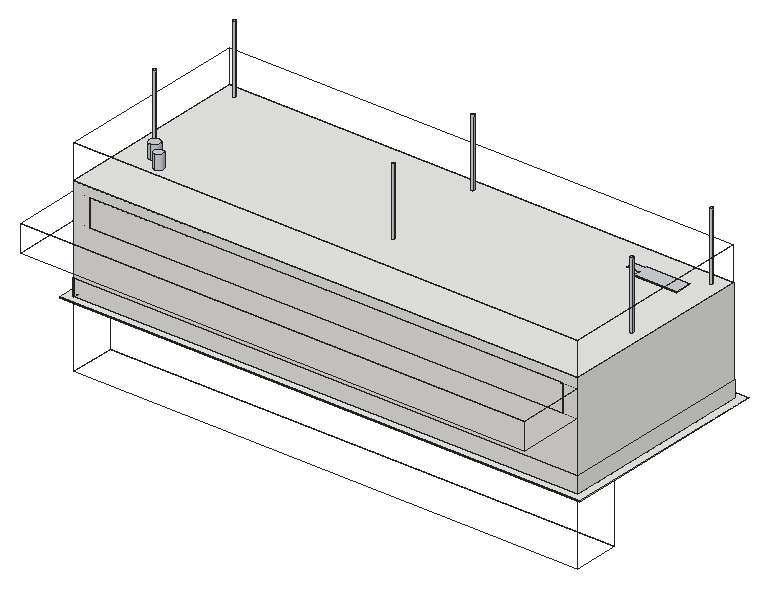
Revit family "AIRTECNICS_AIR CURTAIN_RECESSED DAM_DX-VRF_(TOSHIBA)", category Equipos mecánicos, Revit 2016
Family settings
  Tipo de pieza = Normal
  Cota de conector redondo = Diámetro de uso
  Número OmniClass = 23.75.70.21.17
  Título OmniClass = Air Curtains
  Se basa en plano de trabajo = No
  Siempre vertical = Sí
  Corte con vacíos al cargar = No
  Compartido = No
  Punto de cálculo de habitación = No
Parameters (values of type "RDAM ECM 1500 VRF12-TO")
  · PIPES POSITION · [instance] = "-/ Select Pipes Position /-"  # constant formula
  · OTHERS · [instance] = "-/ Select Supports - Inst.Maint. Space /-"  # constant formula
  · HEATING · = "-/ Heating /-"  # constant formula
  · EXTERNAL UNIT · [instance] = "-/ External Unit Type /-"  # constant formula
  · COIL ROWS · = "-/ DX Coil Rows /-"  # constant formula
  Weight [instance] = size_lookup(Name_Lookup_Data, "Weight", 1.00 kg, CM, CT, CH, CR, CDX)  # 74.00 kg
  Voltage [instance] = 230 V  # constant formula
  URL_Manufacturer = "https://www.airtecnics.com"
  URL_Datasheet = "https://www.airtecnics.com/download/file/5899/recessed-dam-dx-toshiba-1-1-and-vrf.pdf"
  Triple Phase (External Ut.) [instance] = yes
  Supports Length [instance] = 200.0 mm
  Supports (Horizontal) [instance] = yes
  Single Phase (External Ut.) [instance] = not([Triple Phase (External Ut.)])  # no
  Revit Version = "Revit 2016 - English"  # constant formula
  Review Date = "11/18"  # constant formula
  Remote Control = "-"  # constant formula
  Refrigerant Pipes_P4 [instance] = no
  Refrigerant Pipes_P3 [instance] = no
  Refrigerant Pipes_P2 [instance] = if(CW = 0, 1 = 1, 1 = 0)  # yes
  Refrigerant Pipes_P1 [instance] = no
  Product Size = if(CT = 2, "1000", if(CT = 4, "1500", if(CT = 8, "2000", if(CT = 16, "2500", if(CT = 32, "3000", "Consult Manufacturer")))))  # "1500"
  Product Reference [instance] = size_lookup(Name_Lookup_Ref, "", "Consult Manufacturer", CM, CT, CH, CR, CDX)  # "RDAM ECM 1500 VRF12-TO"
  Product Heating [instance] = if(DX 1:1, "Direct Expansion 1:1 system", "Direct Expansion VRF system")  # "Direct Expansion VRF system"
  Product Description [instance] = size_lookup(Name_Lookup_Data, "", "Consult Manufacturer", CM, CT, CH, CR, CDX)  # "Compact and low profile recessed air curtain with full grille view and energy savings heat pump: Up to 70% reduction in costs and CO2 emissions (heating mode).\r\nSelf-supporting casing construction made of galvanized steel plate, ready to be installed recessed in a false ceiling. \r\nInlet grille (free of maintenance) made with aluminium profiles and blow-out nozzle, integrated in a single white frame colour RAL 9016. Other colours are available on request. \r\nDouble-inlet centrifugal fans driven by an external rotor motor and low noise level. 5-speed selector. EC models assembled with very low consumption efficiency fans. \r\nIncludes only heating direct expansion coil with installed temperature sensors. Under request it can be modified to work in cooling and heating mode (not recomended) with optional condensate water pump.\r\nPlug&Play control panel CS-5DX-NE slave DX with 5 speeds selector and 7m telephone cable included.\r\nReady to connect to TOSHIBA VRF outdoor heat pump unit (R410A), not included, the customer should purchase it.\r\nRequires MM-DXC010 TOSHIBA VRF Interface KIT adapted for air curtain, RBC-AMT32-E programmable control and MM-DXV140 expansion valve, please consult.\r\nAir Volume: 2460 m3/h \r\nFans:  0,213 kW  1,86 A 230Vx1 50/60Hz\r\nHeating capacity: 11,61 kW\r\nDimensions: 627x310x1548 mm (depth, height, length)\r\nNOT SUPPLIED BY AIRTÈCNICS:\r\nMM-DXC010 Interface VRF kit and RBC-AMT32-E programmable control.\r\nExpansion valve MM-DXV140.\r\nExternal unit VRF."
  Power Fans Factor [instance] = size_lookup(Name_Lookup_Data, "Power Fans Factor", 1, CM, CT, CH, CR, CDX)  # 0.5
  Power Fans [instance] = size_lookup(Name_Lookup_Data, "Power Fans", 1 kW, CM, CT, CH, CR, CDX)  # 0.213 kW
  Noise Level (dB(A)) [instance] = size_lookup(Name_Lookup_Data, "Noise Level (dB(A))", 1, CM, CT, CH, CR, CDX)  # 57
  Name_Lookup_Ref_EU = "R_DAM_(DX)_TO_Ref_EU_Lookup"  # constant formula
  Name_Lookup_Ref = "R_DAM_(DX)_TO_Ref_Lookup"  # constant formula
  Name_Lookup_Data3 = "R_DAM_(DX)_TO_ExpValve_Lookup"  # constant formula
  Name_Lookup_Data2 = "R_DAM_(DX)_TO_Mainfolds_Lookup"  # constant formula
  Name_Lookup_Data = "R_DAM_(DX)_TO_Data_Lookup"  # constant formula
  Material Curtain [instance] = AIRTECNICS_White RAL 9016
  Mainfolds [instance] = size_lookup(Name_Lookup_Data2, "", "Consult Manufacturer", CM, CT, CH, CR, CDX)  # "5/8 & 3/8"
  M = yes
  Length = L + 48.0 mm + Depth - Depth  # 1548.0 mm
  IfcExportType = "DXCOOLINGCOIL"  # constant formula
  IfcExportAs = "IfcCoilType"  # constant formula
  Height = 310.0 mm  # constant formula
  Heating Capacity [instance] = size_lookup(Name_Lookup_Data, "Heating Capacity", 1 kW, CM, CT, CH, CR, CDX)  # 11.61 kW
  Gas Coil Volume [instance] = size_lookup(Name_Lookup_Data, "Gas Coil Volume", 1.00 L, CM, CT, CH, CR, CDX)  # 2.20 L
  G = not(M)  # no
  Frequency = 50 Hz  # constant formula
  Fans Stage = 5  # constant formula
  Family Version = "1.0"  # constant formula
  External Ut. Reference [instance] = size_lookup(Name_Lookup_Ref_EU, "", "Consult Manufacturer", CM, CT, CH, CR, CEU, CDX)  # "Not available"
  Expansion Valve [instance] = size_lookup(Name_Lookup_Data3, "", "Consult Manufacturer", CM, CT, CH, CR, CDX)  # "MM-DXV140"
  EC = 1 = 1  # yes
  Dn_Metric_Refrig_Liquid [instance] = size_lookup(Name_Lookup_Data2, "Dn_Liquid", 1 mm, CM, CT, CH, CR, CDX)  # 10 mm
  Dn_Metric_Refrig_Gas [instance] = size_lookup(Name_Lookup_Data2, "Dn_Gas", 1 mm, CM, CT, CH, CR, CDX)  # 16 mm
  Depth = 627.0 mm  # constant formula
  DX VRF = not(DX 1:1)  # yes
  DX Kit [instance] = if(DX VRF, "MM-DXC010", "RAV-DXC010")  # "MM-DXC010"
  DX Controller [instance] = "RBC-AMT32-E"  # constant formula
  DX Coil Rows = 4 = no
  DX Coil Rows = 3 = not([DX Coil Rows = 4])  # yes
  DX Coil Rows [instance] = if(CR = 2, 4, if(CR = 4, 3, if(CR = 0, 2, 0)))  # 3
  DX 1:1 = no
  Current Fans [instance] = size_lookup(Name_Lookup_Data, "Current Fans", 1 A, CM, CT, CH, CR, CDX)  # 1.86 A
  Created by = "BIMETRICAL"  # constant formula
  Control [instance] = "CS-5DX-NE"  # constant formula
  Capacity_Frig_Liquid [instance] = 0 m³/h
  Capacity_Frig_Gas [instance] = 0 m³/h
  Cable = "CB7"  # constant formula
  URL = "https://www.airtecnics.com/products/heat-pump-air-curtain-recessed-dam-dx-for-toshiba"
  Modelo = "Air Curtain Recessed DAM DX/VRF TO"  # constant formula
  L = 1500.0 mm
  Imagen de tipo = <Ninguno>
  Fabricante = "AIRTECNICS"  # constant formula
  Description = ""
  Comentarios de tipo = "Compact and low profile recessed air curtain with full grille view and energy savings heat pump: Up to 70% reduction in costs and CO2 emissions (heating mode).\r\nSelf-supporting casing construction made of galvanized steel plate, ready to be installed recessed in a false ceiling. \r\nInlet grille (free of maintenance) made with aluminium profiles and blow-out nozzle, integrated in a single white frame colour RAL 9016. Other colours are available on request. \r\nDouble-inlet centrifugal fans driven by an external rotor motor and low noise level. 5-speed selector. EC models assembled with very low consumption efficiency fans. \r\nIncludes only heating direct expansion coil with installed temperature sensors. Under request it can be modified to work in cooling and heating mode (not recomended) with optional condensate water pump.\r\nPlug&Play control panel CS-5DX-NE slave DX with 5 speeds selector and 7m telephone cable included.\r\nDX 1:1:\r\nReady to connect to TOSHIBA Inverter outdoor heat pump unit (R410A) with expansion valve, not included, the customer should purchase it.\r\nRequires TOSHIBA DX Interface KIT adapted for air curtain  and  programmable control, please consult.\r\nDX VRF:\r\nReady to connect to TOSHIBA VRF outdoor heat pump unit (R410A), not included, the customer should purchase it.\r\nRequires  TOSHIBA VRF Interface KIT adapted for air curtain,  programmable control and expansion valve, please consult."  # constant formula
  CW [instance] = if(Refrigerant Pipes_P1, 2, 0) + if(Refrigerant Pipes_P3, 4, 0) + if(Refrigerant Pipes_P4, 8, 0)  # 0
  CT = if(L = 1000.0 mm, 2, 0) + if(L = 1500.0 mm, 4, 0) + if(L = 2000.0 mm, 8, 0) + if(L = 2500.0 mm, 16, 0) + if(L = 3000.0 mm, 32, 0)  # 4
  CR [instance] = if([DX Coil Rows = 4], 2, 0) + if([DX Coil Rows = 3], 4, 0)  # 4
  CM = if(M, 2, 0) + if(EC, 4, 0) + if(G, 8, 0)  # 6
  CH [instance] = if(DX 1:1, 2, 0) + if(DX VRF, 4, 0)  # 4
  CEU [instance] = if([Single Phase (External Ut.)], 2, 0) + if([Triple Phase (External Ut.)], 4, 0)  # 4
  CDX = 0
  BIMETRICAL Category = "Coil"  # constant formula
  BIMETRICAL = "http://www.bimetrical.com/"  # constant formula
  Aspiration/Maintenance Space [instance] = yes
  Apparent Load [instance] = size_lookup(Name_Lookup_Data, "Apparent Load", 1 VA, CM, CT, CH, CR, CDX)  # 426 VA
  Airflow [instance] = size_lookup(Name_Lookup_Data, "Airflow", 1 m³/h, CM, CT, CH, CR, CDX)  # 2460 m³/h
Reference planes
  plane 1 "Centro (Frontal/Posterior)": z = 0
  plane 2: y = 246.57
  plane 3 "Centro (Izquierda/Derecha)": x = 0
Nested families
  nested 1: "GEOM_RECESSED DAM_(DX)" at (0, 246.57, -2) x (-1, 0, 0) z (0, 0, 1), P1 <- "Refrigerant Pipes_P1", P3 <- "Refrigerant Pipes_P3", P4 <- "Refrigerant Pipes_P4", type "BASE"
    with VAMP4 no, VAMP1 no, P4 no, P3 no, P2 yes, P1 no, C_P 2, C_L 2, CH_4 398.5 mm, CH_3 218.8 mm, CH_2 99.5 mm, CH_1 91.2 mm, CC_4 431.5 mm, CC_3 33.0 mm, CC_2 137.5 mm, CC_1 277.2 mm, AH 90.00°, AC 90.00°
Connectors
  electrical at (569.129, 446.424, 309), driven by "Voltage", driven by "Apparent Load", driven by "Power Fans Factor"
    settings: on nested 1, index 1, voltage 230 V, apparent load 426 VA, apparent load phase1 0 VA, apparent load phase2 0 VA, apparent load phase3 0 VA, power factor 0.5, load classification "HVAC", number of poles 1, system type 30, power factor state 1, is connector primary yes, connector utility no, sub classification motor no, connector description ""
  piping at (-674, 161.57, 348), diameter 16, driven by "Capacity_Frig_Gas", driven by "Dn_Metric_Refrig_Gas"
    settings: on nested 1, index 2, connector inside diameter 609.6 mm, connector length 0.0 mm, flow factor 0, pipe flow 0 m³/h, pressure drop 0.0 Pa, fitting loss kfactor 0, connector angle 0.00°, fixture units 0, engagement length 0.0 mm, angle of deflection 0.00°, flow configuration 1, flow direction 1, fitting loss method 0, system type 7, joint type 0, gender type 0, connector reference index -1, connector utility 0, adjustable connector no, is connector primary yes, connector description "In"
  piping at (-636, 128.57, 348.2), diameter 10, driven by "Capacity_Frig_Liquid", driven by "Dn_Metric_Refrig_Liquid"
    settings: on nested 1, index 3, connector inside diameter 609.6 mm, connector length 0.0 mm, flow factor 0, pipe flow 0 m³/h, pressure drop 0.0 Pa, fitting loss kfactor 0, connector angle 0.00°, fixture units 0, engagement length 0.0 mm, angle of deflection 0.00°, flow configuration 0, flow direction 2, fitting loss method 0, system type 8, joint type 0, gender type 0, connector reference index -1, connector utility 0, adjustable connector no, is connector primary no, connector description "Out"
Definition of nested family "GEOM_RECESSED DAM_(DX)"
  Parameters (values of type "BASE")
    VSUP2 = if(and(Supports Length > 0.0 mm, L > 1000.0 mm, [Supports (Horizontal)]), 1 = 1, 1 = 0)  # yes
    VSUP1 = if(and(Supports Length > 0.0 mm, [Supports (Horizontal)]), 1 = 1, 1 = 0)  # yes
    VAMP4 [instance] = if(and(P, P4, [Aspiration/Maintenance Space]), 1 = 1, 1 = 0)  # no
    VAMP1 [instance] = if(and(P, P1, [Aspiration/Maintenance Space]), 1 = 1, 1 = 0)  # no
    Supports Length = 200.0 mm
    Supports (Horizontal) = yes
    Revit Version = "Revit 2016 - English"  # constant formula
    Review Date = "11/2018"  # constant formula
    P4 [instance] = no
    P3 [instance] = yes
    P2 [instance] = not(or(P1, P3, P4))  # no
    P1 [instance] = no
    P = 1 = 1  # yes
    Name_CH = "CH_Dimensions_LookupDX"  # constant formula
    Name_CC = "CC_Dimensions_LookupDX"  # constant formula
    N = if(L = 1000.0 mm, 5, if(L = 1500.0 mm, 7, if(L = 2000.0 mm, 9, 11)))  # 7
    Model = "RECESSED DAM (DX)"  # constant formula
    Material Curtain = none
    Manufacturer = "AIRTECNICS"  # constant formula
    L_sup = if(Supports Length = 0.0 mm, 1.0 mm, Supports Length)  # 200.0 mm
    L3 = if(L = 1000.0 mm, 227.0 mm, if(L = 1500.0 mm, 234.8 mm, if(L = 2000.0 mm, 238.5 mm, 240.8 mm)))  # 234.8 mm
    L2 = if(L = 1000.0 mm, 51.75 mm, if(L = 1500.0 mm, 46.75 mm, if(L = 2000.0 mm, 40.0 mm, 49.5 mm)))  # 46.75 mm
    L1 = L + 48.0 mm  # 1548.0 mm
    L = 1500.0 mm
    Family Version = "1.0"  # constant formula
    Created by = "BIMETRICAL"  # constant formula
    C_P [instance] = if(P1, 1, 0) + if(P2, 2, 0) + if(P3, 4, 0) + if(P4, 8, 0)  # 4
    C_L [instance] = if(L = 1500.0 mm, 2, 0) + if(L = 2000.0 mm, 4, 0) + if(L = 2500.0 mm, 8, 0)  # 2
    CH_4 [instance] = size_lookup(Name_CH, "CH_4", 398.5 mm, C_L, C_P)  # 398.5 mm
    CH_3 [instance] = size_lookup(Name_CH, "CH_3", 218.8 mm, C_L, C_P)  # 33.0 mm
    CH_2 [instance] = size_lookup(Name_CH, "CH_2", 100.5 mm, C_L, C_P)  # 1409.5 mm
    CH_1 [instance] = size_lookup(Name_CH, "CH_1", 91.2 mm, C_L, C_P)  # 277.2 mm
    CC_4 [instance] = size_lookup(Name_CC, "CC_4", 431.5 mm, C_L, C_P)  # 431.5 mm
    CC_3 [instance] = size_lookup(Name_CC, "CC_3", 33.0 mm, C_L, C_P)  # 218.8 mm
    CC_2 [instance] = size_lookup(Name_CC, "CC_2", 138.5 mm, C_L, C_P)  # 1447.5 mm
    CC_1 [instance] = size_lookup(Name_CC, "CC_1", 277.2 mm, C_L, C_P)  # 91.2 mm
    C = if(L = 1000.0 mm, 227.75 mm, if(L = 1500.0 mm, 235.1 mm, 238.88 mm))  # 235.1 mm
    BIMETRICAL = "http://www.bimetrical.com/"  # constant formula
    B1 = 1.5 mm
    B = 1.0 mm
    Aspiration/Maintenance Space = yes
    AH [instance] = size_lookup(Name_CH, "AH", 90.00°, C_L, C_P)  # 90.00°
    AC [instance] = size_lookup(Name_CC, "AC", 90.00°, C_L, C_P)  # 90.00°
    A1 = L - 62.0 mm  # 1438.0 mm
    A = 197.8 mm
  Reference planes
    plane 1 "Centro (Frontal/Posterior)": y = 0
    plane 2: z = 0
    plane 3 "Centro (Izquierda/Derecha)": x = 0
    plane 4: y = 313.5
    plane 5: y = -313.5
    plane 6: y = 290
    plane 7: y = -290
    plane 8: z = 310
    plane 9: z = 50
    plane 10: z = 2
    plane 11: x = -773.5
    plane 12: x = -750
    plane 13: x = 773.5
    plane 14: x = 750
    plane 15: y = -256
    plane 16: y = 41
    plane 17: x = -710
    plane 18: x = 710
    plane 19: y = 41
    plane 20: y = -256
    plane 21: y = 170
    plane 22: z = 25
    plane 23: z = 17
    plane 24: x = -707.5
    plane 25: x = -703.5
    plane 26: x = -705.5
    plane 27: x = -472.7
    plane 28: x = -468.7
    plane 29: x = -470.7
    plane 30: x = -237.9
    plane 31: x = -233.9
    plane 32: x = -235.9
    plane 33: x = -3.1
    plane 34: x = 0.9
    plane 35: x = -1.1
    plane 36: x = 231.7
    plane 37: x = 235.7
    plane 38: x = 233.7
    plane 39: x = 773.5
    plane 40: x = -674
    plane 41: x = -636
    plane 42: y = 85
    plane 43: y = 118
    plane 44: z = 91.2
    plane 45: z = 277.2
    plane 46: x = 466.5
    plane 47: x = 470.5
    plane 48: x = 468.5
    plane 49: x = 701.3
    plane 50: x = 705.3
    plane 51: x = 703.3
  Forms (mm)
    Sweep 1, solid, material <- "Material Curtain"
      path origin (0, 0, 0) x (1, 0, 0) y (0, 1, 0)
        loop
          line (-773.5, 313.5) -> (-773.5, -313.5) -> (773.5, -313.5) -> (773.5, 313.5) -> (-773.5, 313.5)
      profile origin (-773.5, 0, 0) x (-1, 0, 0) y (0, 0, 1)
        loop
          line (0, 0) -> (0, 2) -> (-22, 2) -> (-22, 50) -> (-23.5, 50) -> (-23.5, 0) -> (0, 0)
    Extrusion 2, solid, material <- "Material Curtain"
      sketch origin (0, 0, 0) x (1, 0, 0) y (0, 1, 0)
        loop
          line (-750, 290) -> (-750, -290) -> (750, -290) -> (750, 290) -> (-750, 290)
      from 50 to 310
    Extrusion 3, solid, visible <- "VSUP1"
      sketch origin (-1376.546, -1524, 310) x (-1, 0, 0) y (0, -1, 0)
        loop
          circle (-666.546, -1565) r 4
        loop
          circle (-666.546, -1268) r 4
        loop
          circle (-2086.546, -1268) r 4
        loop
          circle (-2086.546, -1565) r 4
      from -1 to 200
    Extrusion 4, solid, visible <- "VSUP2"
      sketch origin (-1376.546, -1524, 310) x (-1, 0, 0) y (0, -1, 0)
        loop
          circle (-1376.546, -1565) r 4
        loop
          circle (-1376.546, -1268) r 4
      from 0 to 200
    Extrusion 5, void
      sketch origin (-1802.24, 290, 1200) x (-1, 0, 0) y (0, 0, 1)
        loop
          line (-2505.49, -918.496) -> (-2505.49, -998.496) -> (-1802.24, -998.496) -> (-1098.99, -998.496) -> (-1098.99, -918.496) -> (-1802.24, -918.496) -> (-2505.49, -918.496)
      from 0 to -5
    Extrusion 6, solid
      sketch origin (-1802.24, 290, 1200) x (-1, 0, 0) y (0, 0, 1)
        loop
          line (-2505.49, -918.496) -> (-2505.49, -998.496) -> (-1802.24, -998.496) -> (-1098.99, -998.496) -> (-1098.99, -918.496) -> (-1802.24, -918.496) -> (-2505.49, -918.496)
      from 0 to -1
    Extrusion 7, solid, material <- "Material Curtain"
      sketch origin (500, 0, 0) x (1, 0, 0) y (0, 1, 0)
        loop
          line (-1203.5, 286.998) -> (-1207.5, 286.998) -> (-1207.5, -287.002) -> (-1203.5, -287.002) -> (-1203.5, 286.998)
      from 17 to 25
    Extrusion 8, solid, material <- "Material Curtain"
      sketch origin (734.8, 0, 0) x (1, 0, 0) y (0, 1, 0)
        loop
          line (-1203.5, 286.998) -> (-1207.5, 286.998) -> (-1207.5, -287.002) -> (-1203.5, -287.002) -> (-1203.5, 286.998)
      from 17 to 25
    Extrusion 9, solid, material <- "Material Curtain"
      sketch origin (969.6, 0, 0) x (1, 0, 0) y (0, 1, 0)
        loop
          line (-1203.5, 286.998) -> (-1207.5, 286.998) -> (-1207.5, -287.002) -> (-1203.5, -287.002) -> (-1203.5, 286.998)
      from 17 to 25
    Extrusion 10, solid, material <- "Material Curtain"
      sketch origin (1204.4, 0, 0) x (1, 0, 0) y (0, 1, 0)
        loop
          line (-1203.5, 286.998) -> (-1207.5, 286.998) -> (-1207.5, -287.002) -> (-1203.5, -287.002) -> (-1203.5, 286.998)
      from 17 to 25
    Extrusion 11, solid, material <- "Material Curtain"
      sketch origin (1439.2, 0, 0) x (1, 0, 0) y (0, 1, 0)
        loop
          line (-1203.5, 286.998) -> (-1207.5, 286.998) -> (-1207.5, -287.002) -> (-1203.5, -287.002) -> (-1203.5, 286.998)
      from 17 to 25
    Extrusion 12, solid, visible <- "P"
      sketch origin (-637.077, 82.636, 310.2) x (0, -1, 0) y (1, 0, 0)
        loop
          circle (-2.364, 1.077) r 15.5
      from 0 to 40
    Extrusion 13, solid, visible <- "P"
      sketch origin (-673.438, 119.477, 310) x (0, -1, 0) y (1, 0, 0)
        loop
          circle (1.477, -0.562) r 13.5
      from 0 to 40
    Extrusion 14, solid
      sketch origin (-1376.546, -1524, 310) x (-1, 0, 0) y (0, -1, 0)
        loop
          line (-830.042, -1353.296) -> (-702.542, -1353.296) -> (-702.542, -1303.996) -> (-830.042, -1303.996) -> (-830.042, -1307.996) -> (-867.042, -1307.996) -> (-867.042, -1331.296) -> (-830.042, -1331.296) -> (-830.042, -1353.296)
      from 0 to 1
    Extrusion 15, solid, visible <- "VAMP1"
      sketch origin (750, 311.264, 1200) x (0, 1, 0) y (0, 0, -1)
        loop
          line (-601.264, 890) -> (-21.264, 890) -> (-21.264, 1150) -> (-601.264, 1150) -> (-601.264, 890)
      from 0 to -100
    Extrusion 16, solid, visible <- "VAMP4"
      sketch origin (-750, 311.264, 1200) x (0, 1, 0) y (0, 0, 1)
        loop
          line (-601.264, -890) -> (-601.264, -1150) -> (-21.264, -1150) -> (-21.264, -890) -> (-601.264, -890)
      from 0 to -100
    Extrusion 17, solid, visible <- "Aspiration/Maintenance Space"
      sketch origin (-1802.24, 290, 1200) x (-1, 0, 0) y (0, 0, 1)
        loop
          line (-2552.24, -918.496) -> (-2552.24, -998.496) -> (-1052.24, -998.496) -> (-1052.24, -918.496) -> (-2552.24, -918.496)
      from 0 to 200
    Extrusion 18, solid, visible <- "Aspiration/Maintenance Space"
      sketch origin (-750, 311.264, 1200) x (0, 1, 0) y (0, 0, 1)
        loop
          line (-601.264, -890) -> (-21.264, -890) -> (-21.264, -790) -> (-601.264, -790) -> (-601.264, -890)
      from 0 to 1500
    Extrusion 19, solid, visible <- "Aspiration/Maintenance Space"
      sketch origin (750, 311.264, 1200) x (0, 1, 0) y (0, 0, -1)
        loop
          line (-21.264, 1200) -> (-21.264, 1400) -> (-157.264, 1400) -> (-157.264, 1200) -> (-21.264, 1200)
      from 0 to 1500
    Extrusion 20, solid, material <- "Material Curtain"
      sketch origin (1674, 0, 0) x (1, 0, 0) y (0, 1, 0)
        loop
          line (-1203.5, 286.998) -> (-1207.5, 286.998) -> (-1207.5, -287.002) -> (-1203.5, -287.002) -> (-1203.5, 286.998)
      from 17 to 25
    Extrusion 21, solid, material <- "Material Curtain"
      sketch origin (1908.8, 0, 0) x (1, 0, 0) y (0, 1, 0)
        loop
          line (-1203.5, 286.998) -> (-1207.5, 286.998) -> (-1207.5, -287.002) -> (-1203.5, -287.002) -> (-1203.5, 286.998)
      from 17 to 25
    Extrusion 22, solid, material <- "Material Curtain"
      sketch origin (850, 311.264, 1200) x (0, -1, 0) y (0, 0, -1)
        loop
          arc (82.767, 1195.605) -> (78.829, 1197.715) -> (74.424, 1198.456) r 13.8
          arc (74.424, 1198.456) -> (73.675, 1197.864) -> (74.325, 1197.164) r 0.65
          arc (74.325, 1197.164) -> (78.603, 1196.427) -> (82.371, 1194.27) r 12.5
          line (82.371, 1194.27) -> (97.373, 1182.759) -> (97.373, 1173.4) -> (98.673, 1173.4) -> (98.673, 1183.4) -> (82.767, 1195.605)
        loop
          arc (59.967, 1195.605) -> (56.029, 1197.715) -> (51.624, 1198.456) r 13.8
          arc (51.624, 1198.456) -> (50.875, 1197.864) -> (51.525, 1197.164) r 0.65
          arc (51.525, 1197.164) -> (55.803, 1196.427) -> (59.571, 1194.27) r 12.5
          line (59.571, 1194.27) -> (74.573, 1182.759) -> (74.573, 1173.4) -> (75.873, 1173.4) -> (75.873, 1183.4) -> (59.967, 1195.605)
        loop
          arc (151.167, 1195.605) -> (147.229, 1197.715) -> (142.824, 1198.456) r 13.8
          arc (142.824, 1198.456) -> (142.075, 1197.864) -> (142.725, 1197.164) r 0.65
          arc (142.725, 1197.164) -> (147.003, 1196.427) -> (150.771, 1194.27) r 12.5
          line (150.771, 1194.27) -> (165.773, 1182.759) -> (165.773, 1173.4) -> (167.073, 1173.4) -> (167.073, 1183.4) -> (151.167, 1195.605)
        loop
          arc (128.367, 1195.605) -> (124.429, 1197.715) -> (120.024, 1198.456) r 13.8
          arc (120.024, 1198.456) -> (119.275, 1197.864) -> (119.925, 1197.164) r 0.65
          arc (119.925, 1197.164) -> (124.203, 1196.427) -> (127.971, 1194.27) r 12.5
          line (127.971, 1194.27) -> (142.973, 1182.759) -> (142.973, 1173.4) -> (144.273, 1173.4) -> (144.273, 1183.4) -> (128.367, 1195.605)
        loop
          arc (105.567, 1195.605) -> (101.629, 1197.715) -> (97.224, 1198.456) r 13.8
          arc (97.224, 1198.456) -> (96.475, 1197.864) -> (97.125, 1197.164) r 0.65
          arc (97.125, 1197.164) -> (101.403, 1196.427) -> (105.171, 1194.27) r 12.5
          line (105.171, 1194.27) -> (120.173, 1182.759) -> (120.173, 1173.4) -> (121.473, 1173.4) -> (121.473, 1183.4) -> (105.567, 1195.605)
        loop
          arc (219.567, 1195.605) -> (215.629, 1197.715) -> (211.224, 1198.456) r 13.8
          arc (211.224, 1198.456) -> (210.475, 1197.864) -> (211.125, 1197.164) r 0.65
          arc (211.125, 1197.164) -> (215.403, 1196.427) -> (219.171, 1194.27) r 12.5
          line (219.171, 1194.27) -> (234.173, 1182.759) -> (234.173, 1173.4) -> (235.473, 1173.4) -> (235.473, 1183.4) -> (219.567, 1195.605)
        loop
          arc (196.767, 1195.605) -> (192.829, 1197.715) -> (188.424, 1198.456) r 13.8
          arc (188.424, 1198.456) -> (187.675, 1197.864) -> (188.325, 1197.164) r 0.65
          arc (188.325, 1197.164) -> (192.603, 1196.427) -> (196.371, 1194.27) r 12.5
          line (196.371, 1194.27) -> (211.373, 1182.759) -> (211.373, 1173.4) -> (212.673, 1173.4) -> (212.673, 1183.4) -> (196.767, 1195.605)
        loop
          arc (173.967, 1195.605) -> (170.029, 1197.715) -> (165.624, 1198.456) r 13.8
          arc (165.624, 1198.456) -> (164.875, 1197.864) -> (165.525, 1197.164) r 0.65
          arc (165.525, 1197.164) -> (169.803, 1196.427) -> (173.571, 1194.27) r 12.5
          line (173.571, 1194.27) -> (188.573, 1182.759) -> (188.573, 1173.4) -> (189.873, 1173.4) -> (189.873, 1183.4) -> (173.967, 1195.605)
        loop
          arc (287.967, 1195.605) -> (284.029, 1197.715) -> (279.624, 1198.456) r 13.8
          arc (279.624, 1198.456) -> (278.875, 1197.864) -> (279.525, 1197.164) r 0.65
          arc (279.525, 1197.164) -> (283.803, 1196.427) -> (287.571, 1194.27) r 12.5
          line (287.571, 1194.27) -> (302.573, 1182.759) -> (302.573, 1173.4) -> (303.873, 1173.4) -> (303.873, 1183.4) -> (287.967, 1195.605)
        loop
          arc (265.167, 1195.605) -> (261.229, 1197.715) -> (256.824, 1198.456) r 13.8
          arc (256.824, 1198.456) -> (256.075, 1197.864) -> (256.725, 1197.164) r 0.65
          arc (256.725, 1197.164) -> (261.003, 1196.427) -> (264.771, 1194.27) r 12.5
          line (264.771, 1194.27) -> (279.773, 1182.759) -> (279.773, 1173.4) -> (281.073, 1173.4) -> (281.073, 1183.4) -> (265.167, 1195.605)
        loop
          arc (242.367, 1195.605) -> (238.429, 1197.715) -> (234.024, 1198.456) r 13.8
          arc (234.024, 1198.456) -> (233.275, 1197.864) -> (233.925, 1197.164) r 0.65
          arc (233.925, 1197.164) -> (238.203, 1196.427) -> (241.971, 1194.27) r 12.5
          line (241.971, 1194.27) -> (256.973, 1182.759) -> (256.973, 1173.4) -> (258.273, 1173.4) -> (258.273, 1183.4) -> (242.367, 1195.605)
        loop
          arc (356.367, 1195.605) -> (352.429, 1197.715) -> (348.024, 1198.456) r 13.8
          arc (348.024, 1198.456) -> (347.275, 1197.864) -> (347.925, 1197.164) r 0.65
          arc (347.925, 1197.164) -> (352.203, 1196.427) -> (355.971, 1194.27) r 12.5
          line (355.971, 1194.27) -> (370.973, 1182.759) -> (370.973, 1173.4) -> (372.273, 1173.4) -> (372.273, 1183.4) -> (356.367, 1195.605)
        loop
          arc (333.567, 1195.605) -> (329.629, 1197.715) -> (325.224, 1198.456) r 13.8
          arc (325.224, 1198.456) -> (324.475, 1197.864) -> (325.125, 1197.164) r 0.65
          arc (325.125, 1197.164) -> (329.403, 1196.427) -> (333.171, 1194.27) r 12.5
          line (333.171, 1194.27) -> (348.173, 1182.759) -> (348.173, 1173.4) -> (349.473, 1173.4) -> (349.473, 1183.4) -> (333.567, 1195.605)
        loop
          arc (310.767, 1195.605) -> (306.829, 1197.715) -> (302.424, 1198.456) r 13.8
          arc (302.424, 1198.456) -> (301.675, 1197.864) -> (302.325, 1197.164) r 0.65
          arc (302.325, 1197.164) -> (306.603, 1196.427) -> (310.371, 1194.27) r 12.5
          line (310.371, 1194.27) -> (325.373, 1182.759) -> (325.373, 1173.4) -> (326.673, 1173.4) -> (326.673, 1183.4) -> (310.767, 1195.605)
        loop
          arc (424.767, 1195.605) -> (420.829, 1197.715) -> (416.424, 1198.456) r 13.8
          arc (416.424, 1198.456) -> (415.675, 1197.864) -> (416.325, 1197.164) r 0.65
          arc (416.325, 1197.164) -> (420.603, 1196.427) -> (424.371, 1194.27) r 12.5
          line (424.371, 1194.27) -> (439.373, 1182.759) -> (439.373, 1173.4) -> (440.673, 1173.4) -> (440.673, 1183.4) -> (424.767, 1195.605)
        loop
          arc (401.967, 1195.605) -> (398.029, 1197.715) -> (393.624, 1198.456) r 13.8
          arc (393.624, 1198.456) -> (392.875, 1197.864) -> (393.525, 1197.164) r 0.65
          arc (393.525, 1197.164) -> (397.803, 1196.427) -> (401.571, 1194.27) r 12.5
          line (401.571, 1194.27) -> (416.573, 1182.759) -> (416.573, 1173.4) -> (417.873, 1173.4) -> (417.873, 1183.4) -> (401.967, 1195.605)
        loop
          arc (379.167, 1195.605) -> (375.229, 1197.715) -> (370.824, 1198.456) r 13.8
          arc (370.824, 1198.456) -> (370.075, 1197.864) -> (370.725, 1197.164) r 0.65
          arc (370.725, 1197.164) -> (375.003, 1196.427) -> (378.771, 1194.27) r 12.5
          line (378.771, 1194.27) -> (393.773, 1182.759) -> (393.773, 1173.4) -> (395.073, 1173.4) -> (395.073, 1183.4) -> (379.167, 1195.605)
        loop
          arc (447.567, 1195.605) -> (443.629, 1197.715) -> (439.224, 1198.456) r 13.8
          arc (439.224, 1198.456) -> (438.475, 1197.864) -> (439.125, 1197.164) r 0.65
          arc (439.125, 1197.164) -> (443.403, 1196.427) -> (447.171, 1194.27) r 12.5
          line (447.171, 1194.27) -> (462.173, 1182.759) -> (462.173, 1173.4) -> (463.473, 1173.4) -> (463.473, 1183.4) -> (447.567, 1195.605)
        loop
          arc (493.167, 1195.605) -> (489.229, 1197.715) -> (484.824, 1198.456) r 13.8
          arc (484.824, 1198.456) -> (484.075, 1197.864) -> (484.725, 1197.164) r 0.65
          arc (484.725, 1197.164) -> (489.003, 1196.427) -> (492.771, 1194.27) r 12.5
          line (492.771, 1194.27) -> (507.773, 1182.759) -> (507.773, 1173.4) -> (509.073, 1173.4) -> (509.073, 1153) -> (512.073, 1153) -> (512.073, 1198.4) -> (509.073, 1198.4) -> (509.073, 1183.4) -> (493.167, 1195.605)
        loop
          arc (470.367, 1195.605) -> (466.429, 1197.715) -> (462.024, 1198.456) r 13.8
          arc (462.024, 1198.456) -> (461.275, 1197.864) -> (461.925, 1197.164) r 0.65
          arc (461.925, 1197.164) -> (466.203, 1196.427) -> (469.971, 1194.27) r 12.5
          line (469.971, 1194.27) -> (484.973, 1182.759) -> (484.973, 1173.4) -> (486.273, 1173.4) -> (486.273, 1183.4) -> (470.367, 1195.605)
        loop
          arc (37.167, 1195.605) -> (33.229, 1197.715) -> (28.824, 1198.456) r 13.8
          arc (28.824, 1198.456) -> (28.075, 1197.864) -> (28.725, 1197.164) r 0.65
          arc (28.725, 1197.164) -> (33.003, 1196.427) -> (36.771, 1194.27) r 12.5
          line (36.771, 1194.27) -> (51.773, 1182.759) -> (51.773, 1173.4) -> (53.073, 1173.4) -> (53.073, 1183.4) -> (37.167, 1195.605)
        loop
          line (523.813, 1198.4) -> (523.813, 1173.4) -> (526.813, 1173.4) -> (526.813, 1198.4) -> (523.813, 1198.4)
        loop
          line (538.553, 1198.4) -> (538.553, 1173.4) -> (541.553, 1173.4) -> (541.553, 1198.4) -> (538.553, 1198.4)
        loop
          line (553.293, 1198.4) -> (553.293, 1173.4) -> (556.293, 1173.4) -> (556.293, 1198.4) -> (553.293, 1198.4)
        loop
          line (568.033, 1198.4) -> (568.033, 1182.616) -> (568.033, 1175.384) -> (568.033, 1173.4) -> (571.033, 1173.4) -> (571.033, 1174.75) -> (571.033, 1183.25) -> (571.033, 1198.4) -> (568.033, 1198.4)
        loop
          line (582.768, 1198.4) -> (582.768, 1175) -> (582.768, 1153) -> (585.768, 1153) -> (585.768, 1175) -> (585.768, 1198.4) -> (582.768, 1198.4)
      from -1600 to -100
  Cuts and joins
    Extrusion 5 cuts Extrusion 2
  Lines and regions (mm)
    symbolic lines
      curve 1: line (-773.5, 313.5, 310) -> (773.5, 313.5, 310)
      curve 2: line (-773.5, -313.5, 310) -> (-773.5, 313.5, 310)
      curve 3: line (773.5, -313.5, 310) -> (-773.5, -313.5, 310)
      curve 4: line (773.5, 313.5, 310) -> (773.5, -313.5, 310)
      curve 5: line (750, -290, 310) -> (-750, -290, 310)
      curve 6: line (750, 290, 310) -> (750, -290, 310)
      curve 7: line (-750, 290, 310) -> (750, 290, 310)
      curve 8: line (-750, -290, 310) -> (-750, 290, 310)
    reference lines
      curve 9: line (-674, 118, 91.2) -> (-674, 118, 310)
      curve 10: line (-636, 85, 277.2) -> (-636, 85, 310.2)
    symbolic lines, visible <- "VAMP4"
      curve 11: line (-750, -290, 310) -> (-850, -290, 310)
      curve 12: line (-850, -290, 310) -> (-850, 290, 310)
      curve 13: line (-850, 290, 310) -> (-750, 290, 310)
      curve 23: line (-750, 0, 50) -> (-850, 0, 50)
      curve 24: line (-850, 0, 50) -> (-850, 0, 310)
      curve 25: line (-850, 0, 310) -> (-750, 0, 310)
    symbolic lines, visible <- "VAMP1"
      curve 14: line (750, 290, 310) -> (850, 290, 310)
      curve 15: line (850, 290, 310) -> (850, -290, 310)
      curve 16: line (850, -290, 310) -> (750, -290, 310)
      curve 20: line (750, 0, 310) -> (850, 0, 310)
      curve 21: line (850, 0, 310) -> (850, 0, 50)
      curve 22: line (850, 0, 50) -> (750, 0, 50)
    symbolic lines, visible <- "Aspiration/Maintenance Space"
      curve 17: line (-750, 290, 310) -> (-750, 490, 310)
      curve 18: line (-750, 490, 310) -> (750, 490, 310)
      curve 19: line (750, 490, 310) -> (750, 290, 310)
      curve 26: line (-750, 0, 0) -> (-750, 0, -200)
      curve 27: line (-750, 0, -200) -> (750, 0, -200)
      curve 28: line (750, 0, -200) -> (750, 0, 0)
      curve 29: line (-750, 0, 310) -> (-750, 0, 410)
      curve 30: line (-750, 0, 410) -> (750, 0, 410)
      curve 31: line (750, 0, 410) -> (750, 0, 310)
      curve 32: line (750, 289, 281.504) -> (750, 490, 281.504)
      curve 33: line (750, 490, 281.504) -> (750, 490, 201.504)
      curve 34: line (750, 490, 201.504) -> (750, 290, 201.504)
      curve 35: line (750, 290, 310) -> (750, 290, 410)
      curve 36: line (750, 290, 410) -> (750, -290, 410)
      curve 37: line (750, -290, 410) -> (750, -290, 310)
      curve 38: line (750, 290, 0) -> (750, 290, -200)
      curve 39: line (750, 290, -200) -> (750, 154, -200)
      curve 40: line (750, 154, -200) -> (750, 154, 0)
    symbolic lines, visible <- "VSUP1"
      curve 41: circle (-710, 41, 310) r 4 normal (0, 0, 1)
      curve 42: circle (-710, -256, 310) r 4 normal (0, 0, 1)
      curve 43: circle (710, -256, 310) r 4 normal (0, 0, 1)
      curve 44: circle (710, 41, 310) r 4 normal (0, 0, 1)
    symbolic lines, visible <- "VSUP2"
      curve 45: circle (0, 41, 310) r 4 normal (0, 0, 1)
      curve 46: circle (0, -256, 310) r 4 normal (0, 0, 1)
  Dimensions and locks
    locked: plane 4 to plane 6 at 23.5
    locked: plane 5 to plane 7 at 23.5
    locked: plane 11 to plane 12 at 23.5
    locked: plane 13 to plane 14 at 23.5
    equal spacing: plane 12, plane 3 "Centro (Izquierda/Derecha)", plane 14
    "L": plane 12 to plane 14
    equal spacing: plane 4, plane 1 "Centro (Frontal/Posterior)", plane 5
    locked: plane 5 to plane 4 at 627
    locked: plane 9 to level at 50
    locked: plane 8 to level at 310
    locked: plane 7 to plane 15 at 34
    locked: plane 16 to plane 15 at 297
    locked: plane 12 to plane 17 at 40
    locked: plane 18 to plane 14 at 40
    locked: plane 20 to plane 7 at 34
    locked: plane 19 to plane 20 at 297
    "Supports Length": Extrusion 3 to plane 8
    "Supports Length": Extrusion 4 to plane 8
    plane 8 to plane 9 = 260.0 mm
    plane 4 to plane 5 = 627.0 mm
    locked: plane 6 to plane 21 at 120
    "L2": Extrusion 5 sketch curve to plane 14
    Extrusion 5 sketch curve to plane 8 = 28.496 mm
    plane 4 to plane 1 "Centro (Frontal/Posterior)" to plane 5 = 313.5 mm, 313.5 mm
    locked: Extrusion 5 sketch curve to Extrusion 5 sketch curve at 80
    locked: plane 9 to Extrusion 6 sketch curve at 151.504
    locked: Extrusion 6 sketch curve to plane 8 at 28.496
    Extrusion 6 sketch curve to Extrusion 6 sketch curve = 80.0 mm
    equal spacing: plane 24, plane 26, plane 25
    locked: plane 12 to plane 26 at 44.5
    equal spacing: plane 27, plane 29, plane 28
    equal spacing: group 1, group 2, group 3, group 4, group 5, group 6, group 7  (x3)
    equal spacing: plane 30, plane 32, plane 31
    "L3": plane 26 to plane 29
    equal spacing: plane 33, plane 35, plane 34
    equal spacing: plane 36, plane 38, plane 37
    locked: plane 14 to plane 39 at 23.5
    "CH_2": plane 41 to plane 39
    "CC_2": plane 40 to plane 39
    "CC_4": plane 5 to plane 43
    "CH_4": plane 5 to plane 42
    "CH_1": level to plane 45
    "CC_1": level to plane 44
    "CC_3": curve 9 to curve 9
    "CH_3": curve 10 to curve 10
    Sweep 1 to Extrusion 14 sketch curve to Extrusion 14 sketch curve to Extrusion 14 sketch curve = 99.496 mm locked, 127.5 mm locked, 37.0 mm locked
    locked: Extrusion 18 sketch curve to Extrusion 18 sketch curve at 100
    locked: Extrusion 19 sketch curve to Extrusion 19 sketch curve at 136
    locked: level to Extrusion 19 sketch curve at 200
    equal spacing: Extrusion 5 sketch curve, plane 3 "Centro (Izquierda/Derecha)", Extrusion 5 sketch curve
    equal spacing: Extrusion 6 sketch curve, plane 3 "Centro (Izquierda/Derecha)", Extrusion 6 sketch curve
    "L2": Extrusion 6 sketch curve to plane 14
    equal spacing: plane 46, plane 48, plane 47
    equal spacing: plane 49, plane 51, plane 50
    diameter of Extrusion 12 sketch curve = 31.0 mm
    diameter of Extrusion 13 sketch curve = 27.0 mm
    "AC": angle plane 44 to curve 9
    "AH": angle plane 45 to curve 10
    aligned and locked: level to plane 2
    aligned and locked: Sweep 1 sketch curve to plane 4
    aligned and locked: plane 11 to Sweep 1 sketch curve
    aligned and locked: Sweep 1 sketch curve to plane 5
    aligned and locked: Sweep 1 sketch curve to plane 13
    aligned and locked: Extrusion 2 sketch curve to plane 6
    aligned and locked: plane 12 to Extrusion 2 sketch curve
    aligned and locked: Extrusion 2 sketch curve to plane 7
    aligned and locked: plane 14 to Extrusion 2 sketch curve
    aligned and locked: Extrusion 2 to plane 9
    aligned and locked: plane 17 to Extrusion 3 sketch curve  (x2)
    aligned and locked: plane 18 to Extrusion 3 sketch curve  (x2)
    aligned and locked: Extrusion 3 sketch curve to plane 16
    aligned and locked: Extrusion 3 sketch curve to plane 15
    aligned and locked: plane 15 to Extrusion 3 sketch curve
    aligned and locked: plane 16 to Extrusion 3 sketch curve
    aligned and locked: plane 3 "Centro (Izquierda/Derecha)" to Extrusion 4 sketch curve  (x2)
    aligned and locked: plane 20 to Extrusion 4 sketch curve
    aligned and locked: plane 19 to Extrusion 4 sketch curve
    aligned and locked: plane 12 to Sweep 1 sketch curve
    aligned and locked: curve 5 to Sweep 1
    aligned and locked: curve 6 to Sweep 1
    aligned and locked: curve 7 to Sweep 1
    aligned and locked: curve 8 to Sweep 1
    aligned and locked: curve 1 to plane 4
    aligned and locked: Extrusion 7 to plane 22
    aligned and locked: plane 23 to Extrusion 7
    aligned and locked: plane 24 to Extrusion 7
    aligned and locked: plane 25 to Extrusion 7
    aligned and locked: plane 27 to Extrusion 8
    aligned and locked: plane 28 to Extrusion 8
    aligned and locked: plane 30 to Extrusion 9
    aligned and locked: plane 31 to Extrusion 9
    aligned and locked: plane 33 to Extrusion 10
    aligned and locked: plane 34 to Extrusion 10
    aligned and locked: plane 36 to Extrusion 11
    aligned and locked: plane 37 to Extrusion 11
    aligned and locked: plane 44 to curve 9
    aligned and locked: plane 40 to curve 9
    aligned and locked: plane 45 to curve 10
    aligned and locked: plane 41 to curve 10
    aligned and locked: Extrusion 15 sketch curve to cut or joined group of Extrusion 2, Extrusion 5  (x3)
    aligned and locked: Extrusion 15 sketch curve to Sweep 1
    aligned and locked: curve 12 to Extrusion 16
    aligned and locked: curve 15 to Extrusion 15
    aligned and locked: plane 12 to Extrusion 17 sketch curve
    aligned and locked: plane 14 to Extrusion 17 sketch curve
    aligned and locked: Extrusion 17 sketch curve to Extrusion 6  (x2)
    aligned and locked: plane 7 to Extrusion 18 sketch curve
    aligned and locked: plane 6 to Extrusion 18 sketch curve
    aligned and locked: Extrusion 18 to plane 14
    aligned and locked: Extrusion 19 to plane 12
    aligned and locked: curve 19 to Extrusion 17
    aligned and locked: curve 17 to Extrusion 17
    aligned and locked: curve 24 to Extrusion 16
    aligned and locked: curve 21 to Extrusion 15
    aligned and locked: Extrusion 19 to plane 14
    aligned and locked: curve 26 to plane 12
    aligned and locked: Extrusion 17 to curve 33
    aligned and locked: curve 35 to Extrusion 18
    aligned and locked: curve 37 to Extrusion 18
    aligned and locked: curve 41 to Extrusion 3
    aligned and locked: curve 42 to Extrusion 3
    aligned and locked: curve 43 to Extrusion 3
    aligned and locked: curve 44 to Extrusion 3
    aligned and locked: curve 45 to Extrusion 4
    aligned and locked: curve 46 to Extrusion 4
    aligned and locked: plane 46 to Extrusion 20
    aligned and locked: plane 47 to Extrusion 20
    aligned and locked: plane 49 to Extrusion 21
    aligned and locked: plane 50 to Extrusion 21
    aligned and locked: Extrusion 22 to plane 14
    aligned and locked: Extrusion 22 to plane 12
    aligned and locked: curve 34 to Extrusion 17
    aligned and locked: curve 32 to Extrusion 17
  Automatic sketch dimensions
    Extrusion 7 sketch curve to Extrusion 7 sketch curve = 4.0 mm
    Extrusion 7 sketch curve to plane 24 = 0.0 mm
    Extrusion 7 sketch curve to Extrusion 7 sketch curve = 574.0 mm
    Extrusion 8 sketch curve to Extrusion 8 sketch curve = 4.0 mm
    Extrusion 8 sketch curve to plane 27 = 0.0 mm
    Extrusion 8 sketch curve to Extrusion 8 sketch curve = 574.0 mm
    Extrusion 9 sketch curve to Extrusion 9 sketch curve = 4.0 mm
    Extrusion 9 sketch curve to plane 30 = 0.0 mm
    Extrusion 9 sketch curve to Extrusion 9 sketch curve = 574.0 mm
    Extrusion 10 sketch curve to Extrusion 10 sketch curve = 4.0 mm
    Extrusion 10 sketch curve to plane 33 = 0.0 mm
    Extrusion 10 sketch curve to Extrusion 10 sketch curve = 574.0 mm
    Extrusion 11 sketch curve to Extrusion 11 sketch curve = 4.0 mm
    Extrusion 11 sketch curve to plane 36 = 0.0 mm
    Extrusion 11 sketch curve to Extrusion 11 sketch curve = 574.0 mm
    Extrusion 18 sketch curve to plane 8 = 0.0 mm
    curve 30 to plane 12 = 0.0 mm
    curve 23 to plane 9 = 0.0 mm
    curve 23 to plane 12 = 0.0 mm
    plane 14 to curve 30 = 0.0 mm
    plane 14 to curve 27 = 0.0 mm
    curve 22 to plane 9 = 0.0 mm
    plane 14 to curve 22 = 0.0 mm
    curve 26 to level = 0.0 mm
    curve 28 to level = 0.0 mm
    curve 25 to plane 8 = 0.0 mm
    curve 20 to plane 8 = 0.0 mm
    curve 26 to level = 200.0 mm
    curve 20 to curve 30 = 100.0 mm
    Sweep 1 sketch curve to profile plane = 0.0 mm
    Sweep 1 sketch curve to level = 0.0 mm
    Sweep 1 sketch curve to Sweep 1 sketch curve = 1.5 mm
    level to Sweep 1 sketch curve = 2.0 mm
    Sweep 1 sketch curve to Sweep 1 sketch curve = 48.0 mm
    plane 5 to curve 3 = 0.0 mm
    curve 3 to plane 13 = 0.0 mm
    curve 2 to plane 11 = 0.0 mm
    plane 4 to curve 17 = 176.5 mm
    Extrusion 14 sketch curve to Extrusion 14 sketch curve = 0.0 mm
    Extrusion 14 sketch curve to plane 7 = 119.296 mm
    Extrusion 14 sketch curve to Extrusion 14 sketch curve = 22.0 mm
    Extrusion 14 sketch curve to Extrusion 14 sketch curve = 23.3 mm
    Extrusion 14 sketch curve to Extrusion 14 sketch curve = 49.3 mm
    Extrusion 16 sketch curve to plane 7 = 0.0 mm
    Extrusion 16 sketch curve to plane 6 = 0.0 mm
    Extrusion 16 sketch curve to plane 9 = 0.0 mm
    Extrusion 16 sketch curve to plane 8 = 0.0 mm
    Extrusion 19 sketch curve to level = 0.0 mm
    Extrusion 19 sketch curve to plane 6 = 0.0 mm
    curve 40 to level = 0.0 mm
    curve 34 to plane 6 = 0.0 mm
    curve 39 to plane 6 = 0.0 mm
    curve 38 to level = 0.0 mm
    curve 35 to plane 8 = 0.0 mm
    curve 37 to plane 8 = 0.0 mm
    plane 21 to curve 39 = 16.0 mm
    level to curve 40 = 200.0 mm
    curve 35 to curve 35 = 100.0 mm
    plane 6 to curve 32 = 1.0 mm
    Extrusion 20 sketch curve to Extrusion 20 sketch curve = 4.0 mm
    Extrusion 20 sketch curve to plane 46 = 0.0 mm
    Extrusion 20 sketch curve to Extrusion 20 sketch curve = 574.0 mm
    Extrusion 21 sketch curve to Extrusion 21 sketch curve = 4.0 mm
    Extrusion 21 sketch curve to plane 49 = 0.0 mm
    Extrusion 21 sketch curve to Extrusion 21 sketch curve = 574.0 mm
    Extrusion 22 sketch curve to Extrusion 15 = 15.496 mm
    Extrusion 22 sketch curve to Extrusion 22 sketch curve = 3.0 mm  (x7)
    Extrusion 22 sketch curve to Extrusion 22 sketch curve = 11.735 mm
    Extrusion 22 sketch curve to Extrusion 22 sketch curve = 11.74 mm  (x4)
    Extrusion 15 to Extrusion 22 sketch curve = 3.0 mm  (x2)
    Extrusion 22 sketch curve to Extrusion 22 sketch curve = 1.3 mm  (x21)
    Extrusion 15 to Extrusion 22 sketch curve = 45.605 mm  (x17)
    Extrusion 22 sketch curve to Extrusion 22 sketch curve = 15.906 mm
    Extrusion 15 to Extrusion 22 sketch curve = 44.27 mm  (x17)
    Extrusion 22 sketch curve to Extrusion 22 sketch curve = 0.397 mm  (x21)
    Extrusion 15 to Extrusion 22 sketch curve = 33.4 mm  (x5)
    Extrusion 22 sketch curve to Extrusion 22 sketch curve = 6.498 mm  (x12)
    Extrusion 15 to Extrusion 22 sketch curve = 32.759 mm  (x6)
    Extrusion 22 sketch curve to Extrusion 22 sketch curve = 0.201 mm  (x20)
    Extrusion 22 sketch curve to Extrusion 22 sketch curve = 0.006 mm  (x21)
    Extrusion 22 sketch curve to Extrusion 22 sketch curve = 8.444 mm  (x20)
    Extrusion 22 sketch curve to Extrusion 22 sketch curve = 14.356 mm  (x20)
    Extrusion 22 sketch curve to Extrusion 22 sketch curve = 21.5 mm  (x8)
    Extrusion 22 sketch curve to Extrusion 15 = 7.508 mm
    Extrusion 22 sketch curve to Extrusion 15 = 7.459 mm
    Extrusion 22 sketch curve to Extrusion 22 sketch curve = 2.209 mm  (x21)
    Extrusion 15 to Extrusion 22 sketch curve = 47.814 mm
    Extrusion 22 sketch curve to Extrusion 22 sketch curve = 3.544 mm
    Extrusion 22 sketch curve to Extrusion 22 sketch curve = 0.0 mm  (x8)
    Extrusion 15 to Extrusion 22 sketch curve = 48.4 mm
    Extrusion 22 sketch curve to Extrusion 22 sketch curve = 2.795 mm
    Extrusion 22 sketch curve to Extrusion 22 sketch curve = 1.334 mm  (x4)
    Extrusion 22 sketch curve to Extrusion 22 sketch curve = 1.906 mm  (x6)
    Extrusion 22 sketch curve to Extrusion 22 sketch curve = 9.606 mm  (x12)
    Extrusion 22 sketch curve to Extrusion 22 sketch curve = 1.264 mm  (x3)
    Extrusion 22 sketch curve to Extrusion 22 sketch curve = 0.008 mm  (x21)
    Extrusion 22 sketch curve to Extrusion 22 sketch curve = 1.257 mm  (x11)
    Extrusion 22 sketch curve to Extrusion 22 sketch curve = 0.641 mm  (x19)
    Extrusion 22 sketch curve to Extrusion 22 sketch curve = 15.0 mm
    Extrusion 22 sketch curve to Extrusion 22 sketch curve = 15.15 mm
    Extrusion 22 sketch curve to Extrusion 22 sketch curve = 0.634 mm  (x2)
    Extrusion 22 sketch curve to Extrusion 22 sketch curve = 7.231 mm
    Extrusion 22 sketch curve to Extrusion 22 sketch curve = 8.25 mm
    Extrusion 22 sketch curve to Extrusion 22 sketch curve = 9.359 mm  (x21)
    Extrusion 15 to Extrusion 22 sketch curve = 23.4 mm
    Extrusion 22 sketch curve to Extrusion 22 sketch curve = 1.984 mm
    Extrusion 22 sketch curve to Extrusion 22 sketch curve = 1.35 mm
    Extrusion 22 sketch curve to Extrusion 22 sketch curve = 0.101 mm  (x21)
    plane 42 to Extrusion 12 sketch curve = 0.0 mm
    plane 43 to Extrusion 13 sketch curve = 0.0 mm
    Extrusion 12 sketch curve to plane 41 = 0.0 mm
    Extrusion 13 sketch curve to plane 40 = 0.0 mm
    Extrusion 5 sketch curve to plane 3 "Centro (Izquierda/Derecha)" = 0.0 mm  (x2)
    Extrusion 6 sketch curve to plane 3 "Centro (Izquierda/Derecha)" = 0.0 mm  (x2)
    radius of Extrusion 3 sketch curve = 4.0 mm  (x4)
    radius of Extrusion 4 sketch curve = 4.0 mm  (x2)
Types (24, lengths in mm): name | Weight | Product Size | Product Reference | Product Heating | Product Description | Power Fans | Noise Level (dB(A)) | Mainfolds | M | Length | Heating Capacity | Gas Coil Volume | G | External Ut. Reference | Expansion Valve | Dn_Metric_Refrig_Liquid | Dn_Metric_Refrig_Gas | DX VRF | DX Kit | DX Coil Rows = 4 | DX Coil Rows = 3 | DX Coil Rows | DX 1:1 | Current Fans | L | CT | CR | CM | CH | CDX | Apparent Load | Airflow
  RDAM ECG 2500 VRF29-TO | 114.00 kg | "2500" | "RDAM ECG 2500 VRF29-TO" | "Direct Expansion VRF system" | "Compact and low profile recessed air curtain with full grille view and energy savings heat pump: Up to 70% reduction in costs and CO2 emissions (heating mode).\r\nSelf-supporting casing construction made of galvanized steel plate, ready to be installed recessed in a false ceiling. \r\nInlet grille (free of maintenance) made with aluminium profiles and blow-out nozzle, integrated in a single white frame colour RAL 9016. Other colours are available on request. \r\nDouble-inlet centrifugal fans driven by an external rotor motor and low noise level. 5-speed selector. EC models assembled with very low consumption efficiency fans. \r\nIncludes only heating direct expansion coil with installed temperature sensors. Under request it can be modified to work in cooling and heating mode (not recomended) with optional condensate water pump.\r\nPlug&Play control panel CS-5DX-NE slave DX with 5 speeds selector and 7m telephone cable included.\r\nReady to connect to TOSHIBA VRF outdoor heat pump unit (R410A), not included, the customer should purchase it.\r\nRequires MM-DXC010 TOSHIBA VRF Interface KIT adapted for air curtain, RBC-AMT32-E programmable control and MM-DXV280 expansion valve, please consult.\r\nAir Volume: 5110 m3/h \r\nFans:  0,497 kW  4,34 A 230Vx1 50/60Hz\r\nHeating capacity: 28,89 kW\r\nDimensions: 627x310x2548 mm (depth, height, length)\r\nNOT SUPPLIED BY AIRTÈCNICS:\r\nMM-DXC010 Interface VRF kit and RBC-AMT32-E programmable control.\r\nExpansion valve MM-DXV280.\r\nExternal unit VRF." | 0.497 kW | 64 | "1\"1/8 & 1/2" | no | 2548.0 | 28.89 kW | 5.30 L | yes | "Not available" | "MM-DXV280" | 15 | 30 | yes | "MM-DXC010" | yes | no | 4 | no | 4.34 A | 2500.0 | 16 | 2 | 12 | 4 | 0 | 994 VA | 5110 m³/h
  RDAM ECG 2500 VRF25-TO | 114.00 kg | "2500" | "RDAM ECG 2500 VRF25-TO" | "Direct Expansion VRF system" | "Compact and low profile recessed air curtain with full grille view and energy savings heat pump: Up to 70% reduction in costs and CO2 emissions (heating mode).\r\nSelf-supporting casing construction made of galvanized steel plate, ready to be installed recessed in a false ceiling. \r\nInlet grille (free of maintenance) made with aluminium profiles and blow-out nozzle, integrated in a single white frame colour RAL 9016. Other colours are available on request. \r\nDouble-inlet centrifugal fans driven by an external rotor motor and low noise level. 5-speed selector. EC models assembled with very low consumption efficiency fans. \r\nIncludes only heating direct expansion coil with installed temperature sensors. Under request it can be modified to work in cooling and heating mode (not recomended) with optional condensate water pump.\r\nPlug&Play control panel CS-5DX-NE slave DX with 5 speeds selector and 7m telephone cable included.\r\nReady to connect to TOSHIBA VRF outdoor heat pump unit (R410A), not included, the customer should purchase it.\r\nRequires MM-DXC010 TOSHIBA VRF Interface KIT adapted for air curtain, RBC-AMT32-E programmable control and MM-DXV280 expansion valve, please consult.\r\nAir Volume: 5110 m3/h \r\nFans:  0,497 kW  4,34 A 230Vx1 50/60Hz\r\nHeating capacity: 24,86 kW\r\nDimensions: 627x310x2548 mm (depth, height, length)\r\nNOT SUPPLIED BY AIRTÈCNICS:\r\nMM-DXC010 Interface VRF kit and RBC-AMT32-E programmable control.\r\nExpansion valve MM-DXV280.\r\nExternal unit VRF." | 0.497 kW | 64 | "1\"1/8 & 1/2" | no | 2548.0 | 24.86 kW | 3.90 L | yes | "Not available" | "MM-DXV280" | 15 | 30 | yes | "MM-DXC010" | no | yes | 3 | no | 4.34 A | 2500.0 | 16 | 4 | 12 | 4 | 0 | 994 VA | 5110 m³/h
  RDAM ECG 2500 DX27-TO | 114.00 kg | "2500" | "RDAM ECG 2500 DX27-TO" | "Direct Expansion 1:1 system" | "Compact and low profile recessed air curtain with full grille view and energy savings heat pump: Up to 70% reduction in costs and CO2 emissions (heating mode).\r\nSelf-supporting casing construction made of galvanized steel plate, ready to be installed recessed in a false ceiling. \r\nInlet grille (free of maintenance) made with aluminium profiles and blow-out nozzle, integrated in a single white frame colour RAL 9016. Other colours are available on request. \r\nDouble-inlet centrifugal fans driven by an external rotor motor and low noise level. 5-speed selector. EC models assembled with very low consumption efficiency fans. \r\nIncludes only heating direct expansion coil with installed temperature sensors. Under request it can be modified to work in cooling and heating mode (not recomended) with optional condensate water pump.\r\nPlug&Play control panel CS-5DX-NE slave DX with 5 speeds selector and 7m telephone cable included.\r\nReady to connect to TOSHIBA Inverter outdoor heat pump unit (R410A) with expansion valve, not included, the customer should purchase it.\r\nRequires TOSHIBA DX Interface KIT adapted for air curtain RAV-DXC010 and RBC-AMT32-E programmable control, please consult.\r\nAir Volume: 5110 m3/h \r\nFans:  0,497 kW  4,34 A 230Vx1 50/60Hz\r\nHeating capacity: 27,00 kW\r\nDimensions: 627x310x2548 mm (depth, height, length)\r\nNOT SUPPLIED BY AIRTÈCNICS:\r\nRAV-DXC010 Interface DX kit and RBC-AMT32-E programmable control.\r\nExternal unit:\r\n RAV-SM2804AT8-EExternal unit with direct expansion valve Toshiba, triple phase motor 400Vx3 50Hz.\r\nHeating capacity 27kW. Heating power: 8,15kW. COP 3,31.\r\nCooling capacity 23kW. Cooling power 8,75kW. EER 2,63.\r\nCooling circuits 1\"1/8 - 1/2\".\r\nMinimum length 7,5m.\r\nMaximum length 70m.\r\nMaximum slope 30m." | 0.497 kW | 64 | "1\"1/8 & 1/2" | no | 2548.0 | 27 kW | 5.30 L | yes | "RAV-SP2804AT8-E" | "Included on External Unit" | 15 | 30 | no | "RAV-DXC010" | yes | no | 4 | yes | 4.34 A | 2500.0 | 16 | 2 | 12 | 2 | 0 | 994 VA | 5110 m³/h
  RDAM ECG 2500 DX22-TO | 114.00 kg | "2500" | "RDAM ECG 2500 DX22-TO" | "Direct Expansion 1:1 system" | "Compact and low profile recessed air curtain with full grille view and energy savings heat pump: Up to 70% reduction in costs and CO2 emissions (heating mode).\r\nSelf-supporting casing construction made of galvanized steel plate, ready to be installed recessed in a false ceiling. \r\nInlet grille (free of maintenance) made with aluminium profiles and blow-out nozzle, integrated in a single white frame colour RAL 9016. Other colours are available on request. \r\nDouble-inlet centrifugal fans driven by an external rotor motor and low noise level. 5-speed selector. EC models assembled with very low consumption efficiency fans. \r\nIncludes only heating direct expansion coil with installed temperature sensors. Under request it can be modified to work in cooling and heating mode (not recomended) with optional condensate water pump.\r\nPlug&Play control panel CS-5DX-NE slave DX with 5 speeds selector and 7m telephone cable included.\r\nReady to connect to TOSHIBA Inverter outdoor heat pump unit (R410A) with expansion valve, not included, the customer should purchase it.\r\nRequires TOSHIBA DX Interface KIT adapted for air curtain RAV-DXC010 and RBC-AMT32-E programmable control, please consult.\r\nAir Volume: 5110 m3/h \r\nFans:  0,497 kW  4,34 A 230Vx1 50/60Hz\r\nHeating capacity: 22,4 kW\r\nDimensions: 627x310x2548 mm (depth, height, length)\r\nNOT SUPPLIED BY AIRTÈCNICS:\r\nRAV-DXC010 Interface DX kit and RBC-AMT32-E programmable control.\r\nExternal unit:\r\n RAV-SM2244AT8-EExternal unit with direct expansion valve Toshiba, triple phase motor 400Vx3 50Hz.\r\nHeating capacity 22,4kW. Heating power: 6,49kW. COP 3,45.\r\nCooling capacity 20kW. Cooling power 7,2kW. EER 2,78.\r\nCooling circuits 1\"1/8 - 1/2\".\r\nMinimum length 7,5m.\r\nMaximum length 70m.\r\nMaximum slope 30m." | 0.497 kW | 64 | "1\"1/8 & 1/2" | no | 2548.0 | 22.4 kW | 3.90 L | yes | "RAV-SP2244AT8-E" | "Included on External Unit" | 15 | 30 | no | "RAV-DXC010" | no | yes | 3 | yes | 4.34 A | 2500.0 | 16 | 4 | 12 | 2 | 0 | 994 VA | 5110 m³/h
  RDAM ECG 2000 VRF24-TO | 105.00 kg | "2000" | "RDAM ECG 2000 VRF24-TO" | "Direct Expansion VRF system" | "Compact and low profile recessed air curtain with full grille view and energy savings heat pump: Up to 70% reduction in costs and CO2 emissions (heating mode).\r\nSelf-supporting casing construction made of galvanized steel plate, ready to be installed recessed in a false ceiling. \r\nInlet grille (free of maintenance) made with aluminium profiles and blow-out nozzle, integrated in a single white frame colour RAL 9016. Other colours are available on request. \r\nDouble-inlet centrifugal fans driven by an external rotor motor and low noise level. 5-speed selector. EC models assembled with very low consumption efficiency fans. \r\nIncludes only heating direct expansion coil with installed temperature sensors. Under request it can be modified to work in cooling and heating mode (not recomended) with optional condensate water pump.\r\nPlug&Play control panel CS-5DX-NE slave DX with 5 speeds selector and 7m telephone cable included.\r\nReady to connect to TOSHIBA VRF outdoor heat pump unit (R410A), not included, the customer should purchase it.\r\nRequires MM-DXC010 TOSHIBA VRF Interface KIT adapted for air curtain, RBC-AMT32-E programmable control and MM-DXV280 expansion valve, please consult.\r\nAir Volume: 4380 m3/h \r\nFans:  0,426 kW  3,72 A 230Vx1 50/60Hz\r\nHeating capacity: 23,63 kW\r\nDimensions: 627x310x2048 mm (depth, height, length)\r\nNOT SUPPLIED BY AIRTÈCNICS:\r\nMM-DXC010 Interface VRF kit and RBC-AMT32-E programmable control.\r\nExpansion valve MM-DXV280.\r\nExternal unit VRF." | 0.426 kW | 63 | "1\"1/8 & 1/2" | no | 2048.0 | 23.63 kW | 4.10 L | yes | "Not available" | "MM-DXV280" | 15 | 30 | yes | "MM-DXC010" | yes | no | 4 | no | 3.72 A | 2000.0 | 8 | 2 | 12 | 4 | 0 | 852 VA | 4380 m³/h
